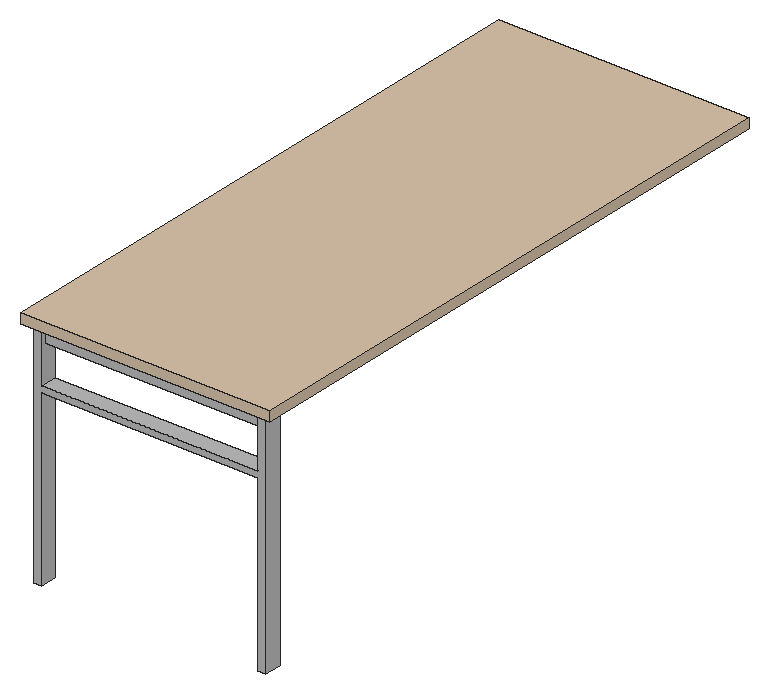
Revit family "Haworth_Compose_Worksurface_RectangularConvergent", category Furniture Systems, Revit 2018
Family settings
  Round Connector Dimension = Use Diameter
  Part Type = Normal
  OmniClass Number = 23.40.70.14.64.21.21
  OmniClass Title = Desk System
  Work Plane-Based = No
  Always vertical = Yes
  Cut with Voids When Loaded = No
  Shared = No
  Room Calculation Point = No
Parameters (values of type "72L 30w")
  Worksurface Finish = Haworth _ Laminate _ Maple H-AE
  Worksurface Edge Finish = Haworth _ Laminate _ Maple H-AE
  Warranty = "http://www.haworth.com/resources/product-info/warranties"
  URL - Product = "http://www.haworth.com/products/workspaces/panel-based/compose"
  Sustainability Info = "http://media.haworth.com/asset/2999/Compose%20PEDS.pdf"
  Support Post_90 Degree = no
  Support Post_45 Degree = no
  Support Panel = not(or(Support Post_90 Degree, Support Post_45 Degree, Support Column, Support P Leg, Double Support Leg, Disc Base Support))  # no
  Support P Leg = no
  Support Finish = Haworth _ Paint _ Metallic Champagne
  Support Column = no
  Standard Worksurface Thickness = not(Deep Worksurface Thickness)  # yes
  Model = "WURV"  # constant formula
  Min. Height = 26"  # constant formula
  Max. Height = 42"  # constant formula
  Leg Location = 15"  # constant formula
  Type Comments = ""
  Length = 72"
  URL = "www.haworth.com"
  Support Height = Actual Height - Top Thickness  # 27 13/16"
  Size = "Verify Final Dim. w/ Haworth"  # constant formula
  Revision Number = "6"  # constant formula
  Standard Length = "36-72 in. @ 6 in. increments"  # constant formula
  Standard Widths = "24, 30, 36 in."  # constant formula
  Min. Width = 36"  # constant formula
  Max. Width = 72"  # constant formula
  Min. Depth = 24"  # constant formula
  Max. Depth = 36"  # constant formula
  Manufacturer = "Haworth"  # constant formula
  Height = 29"
  End Support Location = if(Support Panel, 3/4", 1 3/4")  # 1 3/4"
  End = or(Support Panel, Support P Leg, Double Support Leg)  # yes
  Double Support Leg = yes
  Disc Base Support = no
  Description = "Haworth - Worksurface - Compose Convergent - Rectangular"  # constant formula
  Width = 30"
  Deep Worksurface Thickness = no
  Custom Size = not(and(and(not(Height > 32"), not(Height < 26")), or(Width = 24", Width = 30", Width = 36"), or(Length = 36", Length = 42", Length = 48", Length = 54", Length = 60", Length = 66", Length = 72")))  # no
  Cantilever Support Location = 1 3/4"  # constant formula
  Cantilever Bracket [instance] = no
  Author = "SHAPE Environments, LLC"  # constant formula
  Assembly Code = "E2020200"
  Actual Width = if(Width > Max. Depth, Max. Depth, if(Width < Min. Depth, Min. Depth, Width))  # 30"
  Actual Length = if(Length > Max. Width, Max. Width, if(Length < Min. Width, Min. Width, Length))  # 72"
  Actual Height = if(Height > Max. Height, Max. Height, if(Height < Min. Height, Min. Height, Height))  # 29"
  Top Thickness = if(Deep Worksurface Thickness, 2", 1 3/16")  # 1 3/16"
Reference planes (in)
  plane 1 "Center F/B": y = 0
  plane 2 "Floor": z = 0
  plane 3 "Center L/R": x = 0
  plane 4 "Left": y = -36
  plane 5 "Right": y = 36
  plane 6 "Table Edge Back": x = 15
  plane 7 "Table Edge Front": x = -15
  plane 8 "Top": z = 29
  plane 9 "Top Bottom": z = 27.8125
  plane 10 "Masking Region": z = 27
Forms (in)
  Extrusion 1, solid, material "Haworth _ Laminate _ Maple H-AE" <- "Worksurface Finish"
    sketch origin (0, 0, 0) x (0, 1, 0) y (-1, 0, 0)
      loop
        line (36, 15) -> (-36, 15) -> (-36, -15) -> (36, -15) -> (36, 15)
    from 27.8125 to 29
Lines and regions (in)
  Masking region 1
    outline origin (0, 0, 27) x (0, -1, 0) y (1, 0, 0)
      loop
        line (-36, -15) -> (36, -15) -> (36, 15) -> (-36, 15) -> (-36, -15)
Dimensions and locks (in)
  "Actual Width": plane 7 "Table Edge Front" to plane 6 "Table Edge Back"
  "Actual Length": plane 4 "Left" to plane 5 "Right"
  "Actual Height": plane 8 "Top" to level
  "Top Thickness": plane 8 "Top" to plane 9 "Top Bottom"
  "End Support Location": plane 4 "Left" to nested 1
  locked: plane 4 "Left" to nested 2 at 15
  locked: plane 7 "Table Edge Front" to nested 3 at 3
  locked: plane 4 "Left" to nested 3 at 3
  locked: plane 4 "Left" to nested 4 at 3
  locked: nested 4 to plane 6 "Table Edge Back" at 3
  equal spacing: plane 7 "Table Edge Front", plane 3 "Center L/R", plane 6 "Table Edge Back"
  equal spacing: plane 5 "Right", plane 1 "Center F/B", plane 4 "Left"
  locked: plane 8 "Top" to plane 10 "Masking Region" at 2
  "Cantilever Support Location": plane 7 "Table Edge Front" to nested 5
  "Cantilever Support Location": nested 6 to plane 6 "Table Edge Back"
  aligned: nested 1 to plane 4 "Left"  (x2)
  aligned: plane 1 "Center F/B" to nested 1
  aligned and locked: Extrusion 1 sketch curve to plane 4 "Left"
  aligned and locked: Extrusion 1 sketch curve to plane 6 "Table Edge Back"
  aligned and locked: plane 7 "Table Edge Front" to Extrusion 1 sketch curve
  aligned and locked: plane 5 "Right" to Extrusion 1 sketch curve
  aligned and locked: Extrusion 1 to plane 8 "Top"
  aligned and locked: plane 9 "Top Bottom" to Extrusion 1
  aligned and locked: plane 3 "Center L/R" to nested 2
  aligned and locked: nested 1 to plane 3 "Center L/R"
  aligned and locked: Masking region 1 sketch curve to Extrusion 1  (x2)
  aligned and locked: Masking region 1 sketch curve to plane 5 "Right"
  aligned and locked: plane 4 "Left" to Masking region 1 sketch curve
  aligned and locked: plane 5 "Right" to nested 6
  aligned and locked: plane 5 "Right" to nested 5
Nested families (in)
  nested 1: "Haworth_Worksurface-Support_Part-End" at (-7.86431, -42.75, 0) x (0, 1, 0) z (0, 0, 1), visible <- "End", type "Support"
    with Worksurface Depth 25", Support P Leg no, Support Double Leg yes, Back Support Location 1"
  nested 2: "Haworth_Worksurface-Support_Part-Round" at (5.5, -21, 0) x (0, 1, 0) z (0, 0, 1), type "Base"
    with Support Column no, Disc Base no
  nested 3: "Haworth_Worksurface-Support_Part-Leg" at (-20.5, -11.76069, 0), type "Support"
  nested 4: "Haworth_Worksurface-Support_Part-Leg" at (20.5, -11.76069, 0) x (-1, 0, 0) z (0, 0, 1), type "Support"
  nested 5: "Haworth_Worksurface-Support_Part-Cantilever-Compose" at (-23.32813, 28.86431, 0), type "Support"
    with Cantilever Bracket no
  nested 6: "Haworth_Worksurface-Support_Part-Cantilever-Compose" at (23.32813, 28.86431, 0) x (-1, 0, 0) z (0, 0, 1), type "Support"
    with Cantilever Bracket no
Definition of nested family "Haworth_Worksurface-Support_Part-End"
  Parameters
    Worksurface Height = 29"
    Worksurface Depth = 30"
    Warranty = ""
    URL - Product = ""
    URL = "www.haworth.com"
    Top Thickness = 1 3/16"
    Sustainability Info = ""
    Support Thickness = if(Support Panel, 1 1/2", 2")  # 2"
    Support Panel = no
    Support P Leg = yes
    Support Height = Actual Height - Top Thickness  # 27 13/16"
    Support Finish = none
    Support Double Leg = no
    Size = "Verify Final Dim. w/ Haworth"  # constant formula
    Revision Number = "1"  # constant formula
    Model = "Worksurface"
    Min/Max Height = "26-32 in."  # constant formula
    Min/Max Depth = "18-36 in."  # constant formula
    Min. Height = 20"  # constant formula
    Min. Depth = 18"  # constant formula
    Max. Height = 48"  # constant formula
    Max. Depth = 36"  # constant formula
    Manufacturer = "Haworth"  # constant formula
    Leg Support = or(Support P Leg, Support Double Leg)  # yes
    LEED Data = ""
    Description = "Worksurface Support End"  # constant formula
    Bottom Strut Thickness = 1"  # constant formula
    Bottom Strut Location = 9"  # constant formula
    Back Support Location = if(Support P Leg, 0", 1")  # 0"
    Author = "SHAPE Environments, LLC"  # constant formula
    Assembly Code = ""
    Actual Top Thickness = if(Top Thickness > 3", 3", if(Top Thickness < 1", 1", Top Thickness))  # 1 3/16"
    Actual Height = 29"
    Actual Depth = 30"
  Reference planes (in)
    plane 1: z = 0
    plane 2 "Center L/R": x = 8.5
    plane 3 "Support Left Edge": x = 7.5
    plane 4 "Support Right Edge": x = 9.5
    plane 5 "Back": y = 7.13569
    plane 6 "Front": y = -22.86431
    plane 7 "Support Top": z = 27.8125
    plane 8 "Mid Strut Top": z = 21.5625
    plane 9 "Mid Strut Bottom": z = 20.8125
    plane 10 "Top Strut Bottom": z = 26.0625
    plane 11 "Front Support Exterior": y = -21.86431
    plane 12 "Front Support Interior": y = -20.86431
    plane 13 "Back Support Interior": y = 6.13569
    plane 14 "Back Support Exterior": y = 7.13569
    plane 15 "Center F/B": y = -7.86431
  Forms (in)
    Extrusion 1, solid, material <- "Support Finish", visible <- "Support Panel"
      sketch origin (0, 0, 0) x (1, 0, 0) y (0, 1, 0)
        loop
          line (7.5, 7.13569) -> (7.5, -22.86431) -> (9.5, -22.86431) -> (9.5, 7.13569) -> (7.5, 7.13569)
      from 0 to 27.8125
    Extrusion 2, solid, material <- "Support Finish", visible <- "Support P Leg"
      sketch origin (8.5, 0, 0) x (0, 1, 0) y (0, 0, 1)
        loop
          line (7.13569, 20.8125) -> (7.13569, 27.8125) -> (6.13569, 27.8125) -> (6.13569, 21.5625) -> (-20.86431, 21.5625) -> (-20.86431, 27.8125) -> (-21.86431, 27.8125) -> (-21.86431, 0) -> (-20.86431, 0) -> (-20.86431, 20.8125) -> (7.13569, 20.8125)
      from -1 to 1
    Extrusion 3, solid, material <- "Support Finish", visible <- "Support Double Leg"
      sketch origin (8.5, 0, 0) x (0, 1, 0) y (0, 0, 1)
        loop
          line (6.13569, 20.8125) -> (6.13569, 0) -> (7.13569, 0) -> (7.13569, 27.8125) -> (6.13569, 27.8125) -> (6.13569, 21.5625) -> (-20.86431, 21.5625) -> (-20.86431, 27.8125) -> (-21.86431, 27.8125) -> (-21.86431, 0) -> (-20.86431, 0) -> (-20.86431, 20.8125) -> (6.13569, 20.8125)
      from -1 to 1
    Extrusion 4, solid, material <- "Support Finish", visible <- "Leg Support"
      sketch origin (8.5, 0, 0) x (0, 1, 0) y (0, 0, 1)
        loop
          line (6.13569, 27.8125) -> (-20.86431, 27.8125) -> (-20.86431, 26.0625) -> (6.13569, 26.0625) -> (6.13569, 27.8125)
      from -0.625 to 0.625
  Lines and regions (in)
    symbolic lines, visible <- "Support Double Leg", detail levels fine
      curve 1: line (7.5, 7.13569, 0) -> (9.5, 7.13569, 0)
      curve 6: line (7.5, -21.86431, 0) -> (7.5, 7.13569, 0)
      curve 7: line (9.5, -21.86431, 0) -> (7.5, -21.86431, 0)
      curve 8: line (9.5, 7.13569, 0) -> (9.5, -21.86431, 0)
    symbolic lines, visible <- "Support Panel", detail levels fine
      curve 2: line (7.5, -22.86431, 0) -> (7.5, 7.13569, 0)
      curve 3: line (9.5, -22.86431, 0) -> (7.5, -22.86431, 0)
      curve 4: line (9.5, 7.13569, 0) -> (9.5, -22.86431, 0)
      curve 9: line (7.5, 7.13569, 0) -> (9.5, 7.13569, 0)
    symbolic lines, visible <- "Support P Leg", detail levels fine
      curve 5: line (7.5, 7.13569, 0) -> (9.5, 7.13569, 0)
      curve 10: line (7.5, -21.86431, 0) -> (7.5, 7.13569, 0)
      curve 11: line (9.5, -21.86431, 0) -> (7.5, -21.86431, 0)
      curve 12: line (9.5, 7.13569, 0) -> (9.5, -21.86431, 0)
  Dimensions and locks (in)
    "Support Thickness": plane 3 "Support Left Edge" to plane 4 "Support Right Edge"
    equal spacing: plane 3 "Support Left Edge", plane 2 "Center L/R", plane 4 "Support Right Edge"
    "Actual Depth": plane 5 "Back" to plane 6 "Front"
    locked: plane 7 "Support Top" to plane 10 "Top Strut Bottom" at 1.75
    "Support Height": plane 7 "Support Top" to level
    "Back Support Location": plane 5 "Back" to plane 14 "Back Support Exterior"
    locked: plane 14 "Back Support Exterior" to plane 13 "Back Support Interior" at 1
    plane 12 "Front Support Interior" to plane 11 "Front Support Exterior" to plane 6 "Front" = 1" locked, 1" locked
    plane 7 "Support Top" to plane 9 "Mid Strut Bottom" = 7"
    locked: plane 8 "Mid Strut Top" to plane 9 "Mid Strut Bottom" at 0.75
    equal spacing: plane 5 "Back", plane 15 "Center F/B", plane 6 "Front"
    aligned and locked: plane 3 "Support Left Edge" to Extrusion 1 sketch curve
    aligned and locked: Extrusion 1 sketch curve to plane 5 "Back"
    aligned and locked: plane 6 "Front" to Extrusion 1 sketch curve
    aligned and locked: Extrusion 1 sketch curve to plane 4 "Support Right Edge"
    aligned and locked: plane 7 "Support Top" to Extrusion 1
    aligned: Extrusion 1 to level
    aligned and locked: Extrusion 1 to plane 7 "Support Top"
    aligned and locked: Extrusion 1 to plane 1
    aligned and locked: plane 1 to Extrusion 1
    aligned and locked: plane 9 "Mid Strut Bottom" to Extrusion 2 sketch curve
    aligned and locked: plane 8 "Mid Strut Top" to Extrusion 2 sketch curve
    aligned and locked: plane 12 "Front Support Interior" to Extrusion 2 sketch curve
    aligned and locked: plane 11 "Front Support Exterior" to Extrusion 2 sketch curve
    aligned and locked: plane 7 "Support Top" to Extrusion 2 sketch curve
    aligned and locked: level to Extrusion 2 sketch curve
    aligned and locked: plane 13 "Back Support Interior" to Extrusion 3 sketch curve
    aligned and locked: Extrusion 3 sketch curve to plane 13 "Back Support Interior"
    aligned and locked: Extrusion 3 sketch curve to plane 14 "Back Support Exterior"
    aligned and locked: Extrusion 3 sketch curve to plane 7 "Support Top"  (x2)
    aligned and locked: Extrusion 3 sketch curve to plane 11 "Front Support Exterior"
    aligned and locked: Extrusion 3 sketch curve to plane 12 "Front Support Interior"  (x2)
    aligned and locked: Extrusion 3 sketch curve to plane 9 "Mid Strut Bottom"
    aligned and locked: Extrusion 3 sketch curve to plane 8 "Mid Strut Top"
    aligned and locked: plane 3 "Support Left Edge" to Extrusion 3
    aligned and locked: plane 3 "Support Left Edge" to Extrusion 2
    aligned and locked: plane 4 "Support Right Edge" to Extrusion 3
    aligned and locked: plane 4 "Support Right Edge" to Extrusion 2
    aligned and locked: plane 13 "Back Support Interior" to Extrusion 2 sketch curve
    aligned and locked: Extrusion 2 sketch curve to plane 14 "Back Support Exterior"
    aligned and locked: plane 13 "Back Support Interior" to Extrusion 4 sketch curve
    aligned and locked: plane 10 "Top Strut Bottom" to Extrusion 4 sketch curve
    aligned and locked: plane 7 "Support Top" to Extrusion 4 sketch curve
    aligned and locked: plane 12 "Front Support Interior" to Extrusion 4 sketch curve
  Automatic sketch dimensions
    Extrusion 2 sketch curve to Extrusion 2 sketch curve = 0"
    Extrusion 2 sketch curve to plane 7 "Support Top" = 0"
    Extrusion 3 sketch curve to level = 0"  (x2)
    curve 10 to plane 3 "Support Left Edge" = 0"
    curve 7 to plane 4 "Support Right Edge" = 0"
    curve 3 to plane 6 "Front" = 0"
    plane 11 "Front Support Exterior" to curve 11 = 0"
    curve 9 to plane 5 "Back" = 0"
Definition of nested family "Haworth_Worksurface-Support_Part-Round"
  Parameters
    Warranty = ""
    URL - Product = ""
    URL = "www.haworth.com"
    Support Column = yes
    Leg Height = 27 13/16"
    Disc Radius = 10 1/2"
    Disc Base = yes
    Base Finish = none
    Sustainability Info = ""
    Size = "Verify Final Dim. w/ Haworth"  # constant formula
    Revision Number = ""
    OmniClass Number = ""
    Material Options = ""
    Manufacturer = "Haworth"  # constant formula
    LEED Data = ""
    Author = "SHAPE Environments, LLC"  # constant formula
    Assembly Code = ""
  Reference planes (in)
    plane 1 "Center F/B": y = 5.5
    plane 2: z = 0
    plane 3 "Center L/R": x = 0
    plane 4 "Table Bottom": z = 27.8125
  Forms (in)
    Revolve 1, solid, material <- "Base Finish", visible <- "Disc Base"
      sketch origin (0, 5.5, 0) x (1, 0, 0) y (0, 0, 1)
        loop
          line (0, 27.8125) -> (-1.5, 27.8125) -> (-1.5, 1.25) -> (-3.53244, 1.25) -> (-4.28244, 0.5) -> (-10.5, 0.5) -> (-10.5, 0) -> (0, 0) -> (0, 27.8125)
        axis (0, 27.8125) -> (0, 0)
      angle from 0 to 360
    Revolve 2, solid, material <- "Base Finish", visible <- "Support Column"
      sketch origin (0, 5.5, 0) x (1, 0, 0) y (0, 0, 1)
        loop
          line (0, 27.8125) -> (-1.5, 27.8125) -> (-1.5, 0) -> (0, 0) -> (0, 27.8125)
        axis (0, 27.8125) -> (0, 0)
      angle from 0 to 360
  Lines and regions (in)
    symbolic lines, visible <- "Disc Base", detail levels fine
      curve 1: circle (0, 5.5, 0) r 10.5 normal (0, 0, 1)
      curve 3: circle (0, 5.5, 0) r 1.5 normal (0, 0, 1)
    symbolic lines, visible <- "Support Column", detail levels fine
      curve 2: circle (0, 5.5, 0) r 1.5 normal (0, 0, 1)
  Dimensions and locks (in)
    "Disc Radius": plane 3 "Center L/R" to Revolve 1 sketch curve
    "Leg Height": plane 4 "Table Bottom" to level
    plane 3 "Center L/R" to Revolve 1 sketch curve = 1 1/2"
    locked: plane 3 "Center L/R" to Revolve 2 sketch curve at 1.5
    aligned and locked: Revolve 1 to plane 4 "Table Bottom"  (x2)
  Automatic sketch dimensions
    Revolve 1 sketch curve to level = 0"
    Revolve 1 sketch curve to plane 4 "Table Bottom" = 0"
    Revolve 1 sketch curve to plane 3 "Center L/R" = 0"  (x2)
    Revolve 1 sketch curve to Revolve 1 sketch curve = 2.03244"
    level to Revolve 1 sketch curve = 1/2"
    Revolve 1 sketch curve to Revolve 1 sketch curve = 3/4"
    Revolve 1 sketch curve to Revolve 1 sketch curve = 6.24462"
    level to Revolve 1 sketch curve = 1 1/4"
    Revolve 1 sketch curve to Revolve 1 sketch curve = 7.21204"
    Revolve 2 sketch curve to plane 4 "Table Bottom" = 0"
    Revolve 2 sketch curve to plane 3 "Center L/R" = 0"  (x2)
    Revolve 2 sketch curve to Revolve 2 sketch curve = 6.24462"
    Revolve 2 sketch curve to Revolve 2 sketch curve = 7.21204"
    Revolve 2 sketch curve to level = 0"
    curve 1 to curve 2 = 0"  (x2)
    curve 1 to curve 3 = 0"  (x2)
    curve 2 to curve 3 = 0"  (x2)
    plane 1 "Center F/B" to curve 2 = 0"
    curve 2 to plane 3 "Center L/R" = 0"
    radius of curve 1 = 10 1/2"
    radius of curve 2 = 1 1/2"
    radius of curve 3 = 1 1/2"
Definition of nested family "Haworth_Worksurface-Support_Part-Leg"
  Parameters
    Top Thickness = 1 3/16"
    Support Post Standard = no
    Support Post 45 Degree = no
    Support Height = Actual Height - Top Thickness  # 27 13/16"
    Model = "Worksurface"
    Worksurface Height = 29"
    Warranty = "www.haworth.com/en-us/Products/Pages/Certifications.aspx"
    URL - Product = "www.haworth.com/en-us/Products/Furniture/Systems/Desking-Systems/Pages/Compose.aspx"
    URL = "www.haworth.com"
    Sustainability Info = "www.haworth.com/en-us/About-Us/Sustainability/Pages/Vision.aspx"
    Support Finish = none
    Size = "Verify Final Dim. w/ Haworth"  # constant formula
    Revision Number = "1"  # constant formula
    Min/Max Height = "26-32 in."  # constant formula
    Min. Height = 20"  # constant formula
    Max. Height = 48"  # constant formula
    Manufacturer = "Haworth"  # constant formula
    LEED Data = "www.haworth.com/_layouts/Haworth.ProductCatalog/Handlers/GetAsset.ashx/ComposeLEEDContributions.pdf?cid=27&rid=1824&type=Leed"
    Description = "Worksurface Support"  # constant formula
    Author = "SHAPE Environments, LLC"  # constant formula
    Assembly Code = "E2020200"
    Actual Top Thickness = if(Top Thickness > 3", 3", if(Top Thickness < 1", 1", Top Thickness))  # 1 3/16"
    Actual Height = 29"
  Reference planes (in)
    plane 1: z = 0
    plane 2 "Center L/R": x = 8.5
    plane 3 "Support Top": z = 27.8125
    plane 4 "Center F/B": y = -21.23931
  Forms (in)
    Extrusion 1, solid, material <- "Support Finish", visible <- "Support Post Standard"
      sketch origin (0, 0, 0) x (1, 0, 0) y (0, 1, 0)
        loop
          line (7.75, -22.86431) -> (9.25, -22.86431) -> (9.25, -19.61431) -> (7.75, -19.61431) -> (7.75, -22.86431)
      from 0 to 27.8125
    Extrusion 2, solid, material <- "Support Finish", visible <- "Support Post 45 Degree"
      sketch origin (17.50805, -0.21044, 0) x (0.707107, -0.707107, 0) y (0.707107, 0.707107, 0)
        loop
          line (7.75, -22.86431) -> (9.25, -22.86431) -> (9.25, -19.61431) -> (7.75, -19.61431) -> (7.75, -22.86431)
      from 0 to 27.8125
  Lines and regions (in)
    symbolic lines, visible <- "Support Post Standard", detail levels fine
      curve 1: line (7.75, -19.61431, 0) -> (9.25, -19.61431, 0)
      curve 2: line (7.75, -22.86431, 0) -> (7.75, -19.61431, 0)
      curve 3: line (9.25, -22.86431, 0) -> (7.75, -22.86431, 0)
      curve 4: line (9.25, -19.61431, 0) -> (9.25, -22.86431, 0)
    symbolic lines, visible <- "Support Post 45 Degree", detail levels fine
      curve 5: line (6.82062, -21.85803, 0) -> (9.11872, -19.55993, 0)
      curve 6: line (9.11872, -19.55993, 0) -> (10.17938, -20.62059, 0)
      curve 7: line (10.17938, -20.62059, 0) -> (7.88128, -22.91869, 0)
      curve 8: line (7.88128, -22.91869, 0) -> (6.82062, -21.85803, 0)
  Dimensions and locks (in)
    "Support Height": plane 3 "Support Top" to level
    aligned and locked: plane 3 "Support Top" to Extrusion 1
    aligned and locked: plane 3 "Support Top" to Extrusion 2
  Automatic sketch dimensions
    Extrusion 1 sketch curve to plane 4 "Center F/B" = 1 5/8"
    plane 2 "Center L/R" to Extrusion 1 sketch curve = 3/4"
    Extrusion 1 sketch curve to plane 2 "Center L/R" = 3/4"
    plane 4 "Center F/B" to Extrusion 1 sketch curve = 1 5/8"
    plane 2 "Center L/R" to Extrusion 2 sketch curve = 0.61872"
    Extrusion 2 sketch curve to plane 4 "Center F/B" = 1.67938"
    Extrusion 2 sketch curve to Extrusion 2 sketch curve = 1 1/2"
    Extrusion 2 sketch curve to Extrusion 2 sketch curve = 3 1/4"
    plane 4 "Center F/B" to curve 5 = 0.61872"
    curve 2 to plane 2 "Center L/R" = 3/4"
    curve 2 to curve 7 = 0.13128"
    plane 2 "Center L/R" to curve 6 = 0.61872"
    curve 5 to curve 4 = 0.13128"
    curve 6 to plane 4 "Center F/B" = 0.61872"
    curve 1 to curve 6 = 0.92938"
    curve 7 to curve 2 = 0.05438"
    curve 1 to curve 5 = 0.05438"
Definition of nested family "Haworth_Worksurface-Support_Part-Cantilever-Compose"
  Parameters
    Worksurface Height = 29"
    Worksurface Depth = 30"
    Warranty = ""
    URL - Product = ""
    URL = "www.haworth.com"
    Top Thickness = 1 3/16"
    Sustainability Info = ""
    Support Thickness = 3/32"  # constant formula
    Support Height = Actual Height - Top Thickness  # 27 13/16"
    Support Finish = none
    Support Depth = 16"  # constant formula
    Size = "Verify Final Dim. w/ Haworth"  # constant formula
    Revision Number = "1"  # constant formula
    Model = "Worksurface"
    Standard Height = "12.75 in."  # constant formula
    Standard Depth = "15.75 in."  # constant formula
    Min. Height = 20"  # constant formula
    Min. Depth = 18"  # constant formula
    Max. Height = 48"  # constant formula
    Max. Depth = 36"  # constant formula
    Manufacturer = "Haworth"  # constant formula
    LEED Data = ""
    Description = "Worksurface Support End"  # constant formula
    Cantilever Bracket = yes
    Bottom Strut Thickness = 1"  # constant formula
    Bottom Strut Location = 9"  # constant formula
    Author = "SHAPE Environments, LLC"  # constant formula
    Assembly Code = ""
    Actual Top Thickness = if(Top Thickness > 3", 3", if(Top Thickness < 1", 1", Top Thickness))  # 1 3/16"
    Actual Height = 29"
    Actual Depth = 30"
  Reference planes (in)
    plane 1: z = 0
    plane 2 "Center L/R": x = 8.5
    plane 3 "Support Left Edge": x = 8.45312
    plane 4 "Support Right Edge": x = 8.54688
    plane 5 "Back": y = 7.13569
    plane 6 "Front": y = -8.86431
    plane 7 "Support Top": z = 27.8125
  Forms (in)
    Extrusion 1, solid, material <- "Support Finish", visible <- "Cantilever Bracket"
      sketch origin (8.45312, 0, 0) x (0, -1, 0) y (0, 0, 1)
        loop
          line (-7.13569, 27.71875) -> (-7.13569, 18.71875) -> (-6.51069, 18.71875) -> (8.86431, 27.23304) -> (8.86431, 27.71875) -> (-7.13569, 27.71875)
        loop
          line (-2.13709, 26.21875) -> (-3.85577, 26.21875)
          arc (-3.85577, 26.21875) -> (-3.91832, 26.2108) -> (-3.97688, 26.18745) r 0.25
          line (-3.97688, 26.18745) -> (-5.94171, 25.09938)
          arc (-5.94171, 25.09938) -> (-5.99206, 25.0533) -> (-6.01069, 24.98764) r 0.125
          line (-6.01069, 24.98764) -> (-6.01069, 24.06204)
          arc (-6.01069, 24.06204) -> (-5.88914, 23.84756) -> (-5.64268, 23.84164) r 0.25
          line (-5.64268, 23.84164) -> (-2.03161, 25.84136)
          arc (-2.03161, 25.84136) -> (-1.94116, 26.07007) -> (-2.13709, 26.21875) r 0.20343
      from 0 to -0.09375
    Extrusion 2, solid, material <- "Support Finish", visible <- "Cantilever Bracket"
      sketch origin (0, 0, 27.8125) x (-1, 0, 0) y (0, -1, 0)
        loop
          line (-8.45313, -6.51069) -> (-8.45312, 8.86431) -> (-10.07812, 8.86431) -> (-10.07813, -6.51069) -> (-8.45313, -6.51069)
      from 0 to -0.09375
  Cuts and joins
    joined: Extrusion 1, Extrusion 2
  Lines and regions (in)
    symbolic lines, visible <- "Cantilever Bracket", detail levels fine
      curve 1: line (8.45312, 7.13569, 0) -> (8.54688, 7.13569, 0)
      curve 2: line (8.45312, -8.86431, 0) -> (8.45312, 7.13569, 0)
      curve 3: line (10.07813, -8.86431, 0) -> (8.45312, -8.86431, 0)
      curve 4: line (8.54688, 7.13569, 0) -> (8.54688, 6.51069, 0)
      curve 5: line (8.54688, 6.51069, 0) -> (10.07813, 6.51069, 0)
      curve 6: line (10.07813, 6.51069, 0) -> (10.07813, -8.86431, 0)
  Dimensions and locks (in)
    "Support Thickness": plane 3 "Support Left Edge" to plane 4 "Support Right Edge"
    equal spacing: plane 3 "Support Left Edge", plane 2 "Center L/R", plane 4 "Support Right Edge"
    "Support Depth": plane 5 "Back" to plane 6 "Front"
    "Support Height": plane 7 "Support Top" to level
    locked: Extrusion 1 sketch curve to Extrusion 1 sketch curve at 9
    locked: Extrusion 1 sketch curve to Extrusion 1 sketch curve at 1.125
    locked: Extrusion 1 sketch curve to Extrusion 1 sketch curve at 1.5
    aligned and locked: plane 4 "Support Right Edge" to Extrusion 1
    aligned and locked: plane 7 "Support Top" to Extrusion 2
  Automatic sketch dimensions
    Extrusion 2 sketch curve to plane 6 "Front" = 0"
    Extrusion 2 sketch curve to plane 3 "Support Left Edge" = 0"
    plane 4 "Support Right Edge" to Extrusion 2 sketch curve = 1 17/32"
    Extrusion 2 sketch curve to plane 5 "Back" = 5/8"
    Extrusion 1 sketch curve to plane 5 "Back" = 0"
    Extrusion 1 sketch curve to plane 6 "Front" = 0"
    Extrusion 1 sketch curve to plane 5 "Back" = 5/8"
    Extrusion 1 sketch curve to Extrusion 1 sketch curve = 0.06898"
    Extrusion 1 sketch curve to Extrusion 1 sketch curve = 1/8"
    Extrusion 1 sketch curve to Extrusion 1 sketch curve = 1/4"  (x2)
    Extrusion 1 sketch curve to Extrusion 1 sketch curve = 0.11801"
    Extrusion 1 sketch curve to Extrusion 1 sketch curve = 1 247/256"
    Extrusion 1 sketch curve to Extrusion 1 sketch curve = 31/256"
    Extrusion 1 sketch curve to Extrusion 1 sketch curve = 1.71868"
    Extrusion 1 sketch curve to Extrusion 1 sketch curve = 27/256"
    Extrusion 1 sketch curve to plane 7 "Support Top" = 9 3/32"
    Extrusion 1 sketch curve to Extrusion 1 sketch curve = 2.37711"
    Extrusion 1 sketch curve to Extrusion 1 sketch curve = 0.9256"
    Extrusion 1 sketch curve to Extrusion 1 sketch curve = 0.37739"
    Extrusion 1 sketch curve to Extrusion 1 sketch curve = 0.48571"
    curve 3 to plane 3 "Support Left Edge" = 0"
    curve 1 to plane 4 "Support Right Edge" = 0"
    curve 6 to plane 6 "Front" = 0"
    curve 4 to plane 5 "Back" = 0"
    curve 6 to plane 5 "Back" = 5/8"
    plane 4 "Support Right Edge" to curve 6 = 1 17/32"
Types in the file's own list only (20): name | Length | Width | Actual Width | Actual Length
  36L 24w | 36" | 24" | 24" | 36"
  42L 24w | 42" | 24" | 24" | 42"
  48L 24w | 48" | 24" | 24" | 48"
  54L 24w | 54" | 24" | 24" | 54"
  60L 24w | 60" | 24" | 24" | 60"
  66L 24w | 66" | 24" | 24" | 66"
  72L 24w | 72" | 24" | 24" | 72"
  36L 30w | 36" | 30" | 30" | 36"
  42L 30w | 42" | 30" | 30" | 42"
  48L 30w | 48" | 30" | 30" | 48"
  54L 30w | 54" | 30" | 30" | 54"
  60L 30w | 60" | 30" | 30" | 60"
  66L 30w | 66" | 30" | 30" | 66"
  36L 36w | 36" | 36" | 36" | 36"
  42L 36w | 42" | 36" | 36" | 42"
  48L 36w | 48" | 36" | 36" | 48"
  54L 36w | 54" | 36" | 36" | 54"
  60L 36w | 60" | 36" | 36" | 60"
  66L 36w | 66" | 36" | 36" | 66"
  72L 36w | 72" | 36" | 36" | 72"
